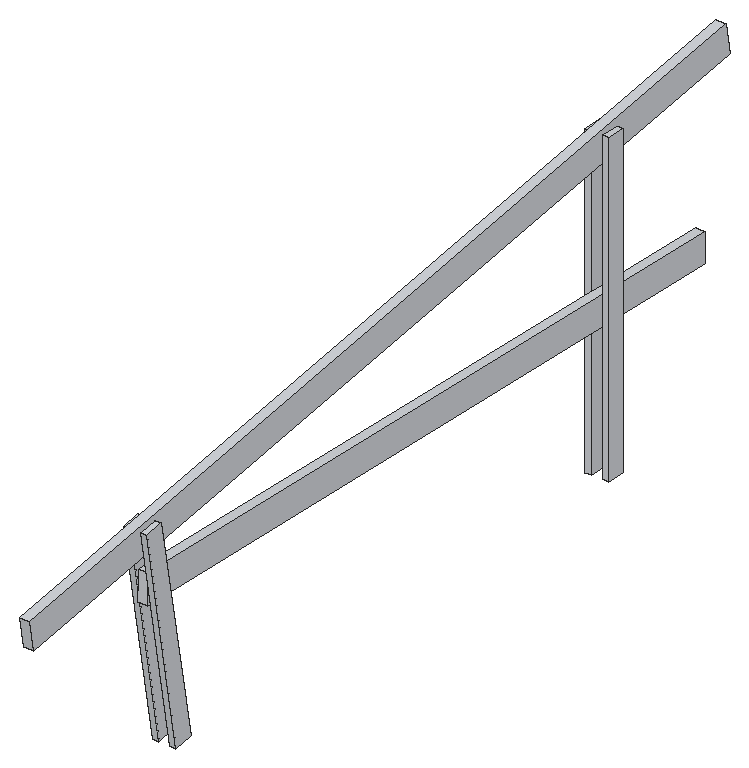
Revit family
Parameters
  fPILASTRO_luce = sqrt((PILASTRO_altezza - 2 * PILASTRO_asse) ^ 2 + INTERASSE ^ 2 - FALDA_luce ^ 2)  # 310.0492 cm
  disp PRINCIPALE = 800.0 cm  # constant formula
  disp PASSAGGIO RETRO = 180.0 cm
  TRAVE_luce = INTERASSE + (disp H terra + TRAVE_asse - PILASTRO_asse) * tan(INCLINATA_falda)  # 920.3271 cm
  TRAVE_back = (disp PASSAGGIO RETRO + SPESSORE MURO + 20.0 cm) / cos(INCLINATA_falda)  # 243.7024 cm
  TRAVE_asse = FALDA_asse  # 23.7061 cm
  TRAVE_SezRes = FALDA_SezRes  # 47.4123 cm
  SPESSORE MURO = 40.0 cm
  DISTANZIATORE = 1.0 cm
  PILASTRO_largh = PILASTRO_SezRes / 3  # 10.0 cm
  PILASTRO_asse = PILASTRO_SezRes / 2  # 15.0 cm
  PILASTRO_altezza = 500.0 cm
  PILASTRO_SezRes = 30.0 cm  # constant formula
  INTERASSE = ANTERIORE + SPESSORE MURO + disp PRINCIPALE + PILASTRO_asse  # 880.0 cm
  INCLINATA_falda = 10.00°
  FALDA_luce = INTERASSE * cos(INCLINATA_falda) + (PILASTRO_altezza - 2 * PILASTRO_asse) * sin(INCLINATA_falda)  # 948.2455 cm
  FALDA_larg = FALDA_SezRes / 3  # 15.8041 cm
  FALDA_front = 240.0 cm
  FALDA_back = (disp PASSAGGIO RETRO + 20.0 cm + SPESSORE MURO) / cos(INCLINATA_falda)  # 243.7024 cm
  FALDA_asse = FALDA_SezRes / 2  # 23.7061 cm
  FALDA_SezRes = FALDA_luce / 20  # 47.4123 cm
  disp H terra = 220.0 cm
  ANTERIORE = 25.0 cm
Reference planes (cm)
  plane 1 "Centro (Fronte/Retro)": y = 0
  plane 2: z = 0
  plane 3 "Centro (Sinistra/Destra)": x = 0
  plane 4: x = 10
  plane 5: y = -30
  plane 6: y = -15
  plane 7: z = 500
  plane 8: z = 485
  plane 9: y = -895
  plane 10: z = 15
  plane 11: through (426.72, 36.6558, 494.1083) normal (0, 0.1736, -0.9848)
  plane 12: through (426.72, -880.8288, -65.369) normal (0, -0.9848, -0.1736)
  plane 13: through (426.72, -1305.0083, 958.1679) normal (0, 0.9848, 0.1736)
  plane 14: through (426.72, -1462.659, 253.8105) normal (0, -0.1736, 0.9848)
  plane 15: through (426.72, -1404.5372, 215.9153) normal (0, -0.1736, 0.9848)
  plane 16: through (426.72, -48.8937, 677.221) normal (0, -0.9848, -0.1736)
  plane 17: through (426.72, 96.9217, 1253.6864) normal (0, 0.9848, 0.1736)
  plane 18: x = 11
  plane 19: x = 26.8041
  plane 20: x = 27.8041
  plane 21: x = 37.8041
  plane 22: through (426.72, -1051.6325, 317.4451) normal (0, -0.1736, 0.9848)
  plane 23: through (426.72, -837.7944, 25.0869) normal (0, 0.1736, -0.9848)
  plane 24: through (426.72, -948.2984, -9.6293) normal (0, -0.1736, 0.9848)
  plane 25: through (426.72, -1036.2828, 729.8729) normal (0, 0.9848, 0.1736)
  plane 26: through (426.72, -1006.7385, 735.0823) normal (0, 0.9848, 0.1736)
  plane 27: z = 220
  plane 28: z = 243.7061
  plane 29: z = 267.4123
  plane 30: y = -935.3271
  plane 31: y = 180
  plane 32: y = -950.3271
  plane 33: y = 220
  plane 34: y = -870
  plane 35: y = -830
  plane 36: y = -895
Forms (cm)
  Extrusion 1, solid
    sketch origin (0, 0, 0) x (1, 0, 0) y (0, 1, 0)
      loop
        line (0, -30) -> (10, -30) -> (10, 0) -> (0, 0) -> (0, -30)
    from 0 to 500
  Extrusion 2, solid
    sketch origin (0, 0, 0) x (0, 1, 0) y (0, 0, 1)
      loop
        line (-1189.3099, 302.0093) -> (-1181.0768, 255.3174) -> (229.1165, 503.9725) -> (220.8835, 550.6645) -> (-1189.3099, 302.0093)
    from 11 to 26.8041
  Extrusion 3, solid
    sketch origin (65.7102, 0, 0) x (-1, 0, 0) y (0, -1, 0)
      loop
        line (27.9061, 30) -> (27.9061, 0) -> (37.9061, 0) -> (37.9061, 30) -> (27.9061, 30)
    from 0 to 500
  Extrusion 4, solid
    sketch origin (0, 0, 0) x (0, 1, 0) y (0, 0, 1)
      loop
        line (-966.2163, 332.5063) -> (-907.1674, -2.3768) -> (-877.6232, 2.8326) -> (-936.6721, 337.7157) -> (-966.2163, 332.5063)
    from 0 to 10
  Extrusion 5, solid
    sketch origin (0, 0, 0) x (0, 1, 0) y (0, 0, 1)
      loop
        line (-966.2163, 332.5063) -> (-907.1674, -2.3768) -> (-877.6232, 2.8326) -> (-936.6721, 337.7157) -> (-966.2163, 332.5063)
    from 27.8041 to 37.8041
  Extrusion 6, solid
    sketch origin (0, 0, 0) x (0, 1, 0) y (0, 0, 1)
      loop
        line (-950.3271, 267.4123) -> (-950.3271, 220) -> (180, 220) -> (180, 267.4123) -> (-950.3271, 267.4123)
    from 11 to 26.8041
Lines and regions (cm)
  model lines
    curve 1: line (0, 0, 0) -> (10, 0, 0)
    curve 2: line (10, 0, 0) -> (10, -30, 0)
    curve 3: line (10, -30, 0) -> (0, -30, 0)
    curve 9: line (37.8041, -30, 0) -> (37.8041, 0, 0)
  reference lines
    curve 4: line (0, -1189.3099, 302.0093) -> (0, -1181.0768, 255.3174)
    curve 5: line (0, -1181.0768, 255.3174) -> (0, 229.1165, 503.9725)
    curve 6: line (0, 229.1165, 503.9725) -> (0, 220.8835, 550.6645)
    curve 7: line (0, 220.8835, 550.6645) -> (0, -1189.3099, 302.0093)
    curve 8: line (18.8551, -30, 0) -> (18.8551, 6, 0)
    curve 10: line (37.8041, 0, 0) -> (37.8041, -30, 0)
    curve 11: line (0, -948.8395, 320.3389) -> (0, -895, 15)
    curve 12: line (0, -960.6676, 318.2533) -> (0, -812.4612, 29.5538)
    curve 13: line (0, -966.2163, 332.5063) -> (0, -936.6721, 337.7157)
    curve 14: line (0, -936.6721, 337.7157) -> (0, -877.6232, 2.8326)
    curve 15: line (0, -877.6232, 2.8326) -> (0, -907.1674, -2.3768)
    curve 16: line (0, -907.1674, -2.3768) -> (0, -966.2163, 332.5063)
    curve 17: line (0, -950.3271, 220) -> (0, 180, 220)
    curve 18: line (0, 180, 220) -> (0, 180, 267.4123)
    curve 19: line (0, 180, 267.4123) -> (0, -950.3271, 267.4123)
    curve 20: line (0, -950.3271, 267.4123) -> (0, -950.3271, 220)
Dimensions and locks (cm)
  "PILASTRO_largh": plane 3 "Centro (Sinistra/Destra)" to plane 4
  "PILASTRO_asse": plane 6 to plane 1 "Centro (Fronte/Retro)"
  "PILASTRO_SezRes": plane 5 to plane 1 "Centro (Fronte/Retro)"
  "PILASTRO_altezza": plane 7 to level
  "PILASTRO_asse": plane 8 to plane 7
  "INTERASSE": plane 9 to plane 6
  "PILASTRO_asse": plane 10 to plane 2
  "FALDA_asse": plane 11 to plane 14
  "FALDA_SezRes": plane 14 to plane 15
  "FALDA_front": plane 12 to plane 13
  "FALDA_luce": plane 12 to plane 16
  "FALDA_back": plane 17 to plane 16
  "DISTANZIATORE": plane 4 to plane 18
  "FALDA_larg": plane 18 to plane 19
  "DISTANZIATORE": plane 19 to plane 20
  "PILASTRO_largh": plane 20 to plane 21
  "fPILASTRO_luce": plane 23 to plane 11
  "PILASTRO_asse": plane 22 to plane 11
  "PILASTRO_asse": plane 24 to plane 23
  "PILASTRO_asse": plane 12 to plane 25
  "PILASTRO_SezRes": plane 26 to plane 25
  "disp H terra": plane 2 to plane 27
  "TRAVE_asse": plane 27 to plane 28
  "TRAVE_SezRes": plane 27 to plane 29
  "TRAVE_luce": plane 30 to plane 6
  "PILASTRO_asse": plane 32 to plane 30
  "SPESSORE MURO": plane 34 to plane 35
  "disp PRINCIPALE": plane 35 to plane 5
  "ANTERIORE": plane 36 to plane 34
  "disp PASSAGGIO RETRO": plane 1 "Centro (Fronte/Retro)" to plane 31
  "SPESSORE MURO": plane 31 to plane 33
  "INCLINATA_falda": angle plane 8 to plane 11
  "INCLINATA_falda": angle plane 9 to plane 12
  "INCLINATA_falda": angle plane 6 to plane 16
  "INCLINATA_falda": angle plane 6 to plane 17
  "INCLINATA_falda": angle plane 9 to plane 13
  "INCLINATA_falda": angle plane 10 to plane 15
  "INCLINATA_falda": angle plane 8 to plane 14
  "INCLINATA_falda": angle plane 8 to plane 22
  aligned and locked: Extrusion 1 sketch curve to curve 1
  aligned and locked: Extrusion 1 sketch curve to curve 2
  aligned and locked: Extrusion 1 sketch curve to curve 3
  aligned and locked: Extrusion 1 to plane 7
  aligned and locked: Extrusion 2 sketch curve to curve 4
  aligned and locked: Extrusion 2 sketch curve to curve 7
  aligned and locked: Extrusion 2 sketch curve to curve 6
  aligned and locked: Extrusion 2 sketch curve to curve 5
  aligned and locked: plane 19 to Extrusion 2
  aligned and locked: Extrusion 2 to plane 18
  aligned and locked: Extrusion 3 to plane 1 "Centro (Fronte/Retro)"
  aligned and locked: Extrusion 3 to plane 5
  aligned and locked: plane 20 to Extrusion 3
  aligned and locked: plane 21 to Extrusion 3
  aligned and locked: Extrusion 4 sketch curve to curve 13
  aligned and locked: Extrusion 4 sketch curve to curve 14
  aligned and locked: Extrusion 4 sketch curve to curve 16
  aligned and locked: Extrusion 4 sketch curve to curve 15
  aligned and locked: plane 4 to Extrusion 4
  aligned and locked: Extrusion 4 to plane 3 "Centro (Sinistra/Destra)"
  aligned and locked: Extrusion 6 sketch curve to curve 20
  aligned and locked: Extrusion 6 sketch curve to curve 17
  aligned and locked: Extrusion 6 sketch curve to curve 18
  aligned and locked: Extrusion 6 sketch curve to curve 19
  aligned and locked: Extrusion 5 to plane 20
  aligned and locked: plane 21 to Extrusion 5
  aligned and locked: plane 19 to Extrusion 6
  aligned and locked: Extrusion 6 to plane 18
  aligned and locked: Extrusion 3 to plane 7
Automatic sketch dimensions
  curve 3 to plane 3 "Centro (Sinistra/Destra)" = 0.0 cm
  curve 1 to plane 1 "Centro (Fronte/Retro)" = 0.0 cm
  curve 1 to plane 3 "Centro (Sinistra/Destra)" = 0.0 cm
  curve 2 to plane 4 = 0.0 cm
  curve 9 to plane 1 "Centro (Fronte/Retro)" = 0.0 cm
  curve 9 to plane 21 = 0.0 cm
  curve 3 to plane 5 = 0.0 cm
  curve 9 to plane 5 = 0.0 cm
  Extrusion 1 sketch curve to plane 3 "Centro (Sinistra/Destra)" = 0.0 cm
  curve 10 to plane 5 = 0.0 cm
  curve 10 to plane 21 = 0.0 cm
  curve 10 to plane 1 "Centro (Fronte/Retro)" = 0.0 cm
  plane 18 to curve 8 = 7.8551 cm
  curve 8 to plane 1 "Centro (Fronte/Retro)" = 6.0 cm
  Extrusion 3 sketch curve to plane 1 "Centro (Fronte/Retro)" = 0.0 cm
  Extrusion 3 sketch curve to plane 21 = 0.0 cm
  Extrusion 3 sketch curve to plane 5 = 0.0 cm
  Extrusion 3 sketch curve to plane 20 = 0.0 cm
  Extrusion 5 sketch curve to plane 22 = 0.0 cm  (x2)
  Extrusion 5 sketch curve to plane 25 = 0.0 cm
  Extrusion 5 sketch curve to plane 26 = 0.0 cm
  Extrusion 5 sketch curve to plane 24 = 0.0 cm
  curve 8 to plane 5 = 0.0 cm
  curve 7 to plane 14 = 0.0 cm
  curve 5 to plane 13 = 0.0 cm
  curve 5 to plane 15 = 0.0 cm
  curve 13 to plane 22 = 0.0 cm  (x2)
  curve 13 to plane 25 = 0.0 cm
  curve 11 to plane 11 = 0.0 cm
  curve 11 to plane 12 = 0.0 cm
  curve 13 to plane 26 = 0.0 cm
  curve 12 to plane 11 = 0.0 cm
  curve 19 to plane 29 = 0.0 cm
  curve 19 to plane 32 = 0.0 cm
  curve 16 to plane 24 = 0.0 cm
  curve 11 to plane 9 = 0.0 cm
  curve 12 to plane 23 = 0.0 cm
  curve 6 to plane 17 = 0.0 cm
  curve 17 to plane 27 = 0.0 cm
  curve 17 to plane 31 = 0.0 cm
  curve 11 to plane 10 = 0.0 cm
  plane 32 to curve 12 = 10.3405 cm
  curve 12 to plane 10 = 14.5538 cm
  curve 7 to plane 13 = 0.0 cm
